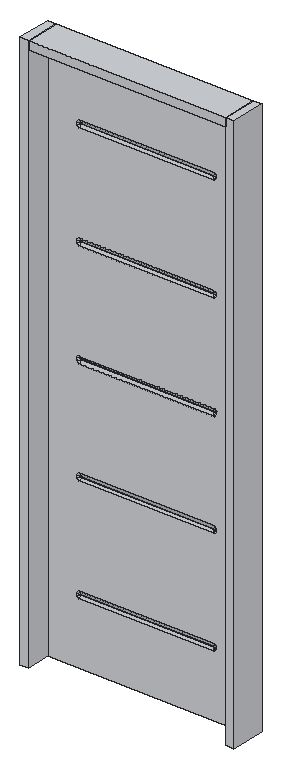
Revit family "Steel-Entrance-Doors_Vog-PS-8ft0in_Novatech", category Doors, host Wall, Revit 2026
Family settings
  Host = Wall
  Classification Number = 23.30.10.00
  Always vertical = Yes
  Cut with Voids When Loaded = No
  Shared = No
  Room Calculation Point = No
Parameters (values of type "2' 10" x 8' 0"")
  URL = "https://www.groupenovatech.com/"
  Thickness = 1.7300"
  Frame Thickness = 1.4850"
  Door Width = 33.7500"
  Door Height = 95.0000"
  Top Distance = 10.65625"
  Symbolic Pattern = Door Width  # 33.7500"
  Specification = "https://www.arcat.com/company/novatech-group-51586/spec"
  Product Page URL = "https://www.arcat.com/arcatcos/cos51/arc51586.html"
  Model = "Vog"
  Manufacturer = "Novatech"
  Keynote = "08 13 00"
  Embossment Height = 1.2230"
  Function = Interior
  Height = 84.0000"
  Wall Closure = By host
  Width = 33.7500"
  Embossment Length = 24.0157"
  Define Thermal Properties by = Schematic Type
  Copyright = "ARCAT"
  CAD Details = "https://www.arcat.com/company/novatech-group-51586/cad"
  C - Distance = 4.9100"
  Bottom Distance = 10.6807"
  B - Distance = 4.8100"
  Analytic Construction = "<None>"
Types (2): name | Door Width | Symbolic Pattern | Width | C - Distance | Bottom Distance | B - Distance
  2' 10" x 8' 0" | 33.7500" | 33.7500" | 33.7500" | 4.9100" | 10.6807" | 4.8100"
  3' 0" x 8' 0" | 35.7500" | 35.7500" | 35.7000" | 5.9100" | 10.6560" | 5.8100"
Reference planes (in)
  plane 1: y = 0
  plane 2 "Center (Left/Right)": x = 0
  plane 3 "Left": x = -16.875
  plane 4 "Right": x = 16.875
  plane 5: z = 95
  plane 6 "Exterior": y = 2.95276
  plane 7 "Interior": y = -2.95276
  plane 8: x = 12.065
  plane 9: x = -11.9507
  plane 10: z = 0
  plane 11: y = 1.22276
  plane 12: z = 94.9754
  plane 13: z = 0
  plane 14: y = 36.70276
  plane 15: z = 28.7662
  plane 16: z = 29.9892
  plane 17: z = 46.8762
  plane 18: z = 64.9862
  plane 19: z = 66.2092
  plane 20: z = 83.0962
  plane 21: z = 84.3192
  plane 22: z = 48.0992
  plane 23: x = -11.3257
  plane 24: x = 11.44
  plane 25: x = 11.44
  plane 26: x = -11.3257
  plane 27: x = 11.44
  plane 28: x = -11.3257
  plane 29: x = 11.44
  plane 30: x = -11.3257
  plane 31: x = -11.3257
  plane 32: x = 11.44
  plane 33: x = -11.3257
  plane 34: x = 11.44
  plane 35: x = -11.3257
  plane 36: x = 11.44
  plane 37: z = 33.03012
  plane 38: z = 47.43582
  plane 39: z = 29.42557
  plane 40: z = 29.32582
  plane 41: z = 83.75557
  plane 42: z = 83.65582
  plane 43: z = 83.75557
  plane 44: z = 83.65582
  plane 45: z = 65.64557
  plane 46: z = 65.54582
  plane 47: z = 47.56017
  plane 48: z = 47.46042
  plane 49: z = 29.42557
  plane 50: z = 29.32582
  plane 51: z = 11.8792
  plane 52: z = 10.6562
  plane 53: x = 11.44715
  plane 54: x = -11.33285
  plane 55: z = 65.64928
  plane 56: z = 65.55379
  plane 57: x = 11.39
  plane 58: x = -11.39
  plane 59: z = 11.31537
  plane 60: z = 11.21987
  plane 61: x = -11.39
  plane 62: x = 11.39
  plane 63: z = 11.31537
  plane 64: z = 11.21987
  plane 65: x = 11.39
  plane 66: x = -11.39
  plane 67: x = -11.39
  plane 68: x = 11.39
  plane 69: x = 18.36
  plane 70: x = -18.36
  plane 71: z = 96.485
Forms (in)
  Extrusion 1, solid
    sketch origin (0, 0, 0) x (1, 0, 0) y (0, 1, 0)
      loop
        line (-16.875, 2.95276) -> (-16.875, 1.22276) -> (16.875, 1.22276) -> (16.875, 2.95276) -> (-16.875, 2.95276)
    from 0 to 95
  Blend 2, void
    base sketch origin (16.875, 1.22276, -17.92549) x (1, 0, 0) y (0, 0, -1)
      loop
        line (-28.2007, -83.55707) -> (-28.16694, -83.57106) -> (-5.46876, -83.57106) -> (-5.435, -83.55707) -> (-5.435, -83.4853) -> (-5.46876, -83.47131) -> (-28.16694, -83.47131) -> (-28.2007, -83.4853) -> (-28.2007, -83.55707)
    top sketch origin (16.875, 1.22276, -17.92549) x (-1, 0, 0) y (0, 0, -1)
      loop
        line (28.4198, -82.91169) -> (5.2159, -82.91169) -> (4.81, -83.31783) -> (4.81, -83.72879) -> (5.2159, -84.13469) -> (28.4198, -84.13469) -> (28.8257, -83.72879) -> (28.8257, -83.31783) -> (28.4198, -82.91169)
    from 0.20024 to 0
  Blend 3, void
    base sketch origin (-16.875, 2.95276, -0.52725) x (-1, 0, 0) y (0, 0, -1)
      loop
        line (-28.28124, -84.28282) -> (-5.58306, -84.28282) -> (-5.5493, -84.26883) -> (-5.5493, -84.19706) -> (-5.58306, -84.18307) -> (-28.28124, -84.18307) -> (-28.315, -84.19706) -> (-28.315, -84.26883) -> (-28.28124, -84.28282)
    top sketch origin (-16.875, 2.95276, -0.52725) x (-1, 0, 0) y (0, 0, -1)
      loop
        line (-5.3302, -84.84645) -> (-4.9243, -84.44055) -> (-4.9243, -84.02959) -> (-5.3302, -83.62345) -> (-28.5341, -83.62345) -> (-28.94, -84.0336) -> (-28.94, -84.44055) -> (-28.5341, -84.84645) -> (-5.3302, -84.84645)
    from 0.19922 to 0
  Blend 4, void
    base sketch origin (-16.875, 2.95276, -36.27725) x (-1, 0, 0) y (0, 0, -1)
      loop
        line (-28.28124, -83.81282) -> (-5.58306, -83.81282) -> (-5.5493, -83.79883) -> (-5.5493, -83.72706) -> (-5.58306, -83.71307) -> (-28.28124, -83.71307) -> (-28.315, -83.72706) -> (-28.315, -83.79883) -> (-28.28124, -83.81282)
    top sketch origin (-16.875, 2.95276, -36.27725) x (-1, 0, 0) y (0, 0, -1)
      loop
        line (-5.3302, -84.37645) -> (-4.9243, -83.97055) -> (-4.9243, -83.55959) -> (-5.3302, -83.15345) -> (-28.5341, -83.15345) -> (-28.94, -83.5636) -> (-28.94, -83.97055) -> (-28.5341, -84.37645) -> (-5.3302, -84.37645)
    from 0.19922 to 0
  Blend 5, void
    base sketch origin (-16.875, 2.95276, -54.371) x (-1, 0, 0) y (0, 0, -1)
      loop
        line (-28.28124, -83.79657) -> (-5.58306, -83.79657) -> (-5.5493, -83.78258) -> (-5.5493, -83.71081) -> (-5.58306, -83.69682) -> (-28.28124, -83.69682) -> (-28.315, -83.71081) -> (-28.315, -83.78258) -> (-28.28124, -83.79657)
    top sketch origin (-16.875, 2.95276, -54.371) x (-1, 0, 0) y (0, 0, -1)
      loop
        line (-5.3302, -84.3602) -> (-4.9243, -83.9543) -> (-4.9243, -83.54334) -> (-5.3302, -83.1372) -> (-28.5341, -83.1372) -> (-28.94, -83.54735) -> (-28.94, -83.9543) -> (-28.5341, -84.3602) -> (-5.3302, -84.3602)
    from 0.19922 to 0
  Blend 6, void
    base sketch origin (16.875, 1.22276, 0.16826) x (1, 0, 0) y (0, 0, -1)
      loop
        line (-28.2007, -83.57332) -> (-28.16694, -83.58731) -> (-5.46876, -83.58731) -> (-5.435, -83.57332) -> (-5.435, -83.50155) -> (-5.46876, -83.48756) -> (-28.16694, -83.48756) -> (-28.2007, -83.50155) -> (-28.2007, -83.57332)
    top sketch origin (16.875, 1.22276, 0.16826) x (-1, 0, 0) y (0, 0, -1)
      loop
        line (28.4198, -82.92794) -> (5.2159, -82.92794) -> (4.81, -83.33408) -> (4.81, -83.74504) -> (5.2159, -84.15094) -> (28.4198, -84.15094) -> (28.8257, -83.74504) -> (28.8257, -83.33408) -> (28.4198, -82.92794)
    from 0.20024 to 0
  Blend 7, void
    base sketch origin (16.875, 1.22276, -35.58174) x (1, 0, 0) y (0, 0, -1)
      loop
        line (-28.2007, -83.12792) -> (-28.16694, -83.14191) -> (-5.46876, -83.14191) -> (-5.435, -83.12792) -> (-5.435, -83.0604) -> (-5.46876, -83.04216) -> (-28.16694, -83.04216) -> (-28.2007, -83.0604) -> (-28.2007, -83.12792)
    top sketch origin (16.875, 1.22276, -35.58174) x (-1, 0, 0) y (0, 0, -1)
      loop
        line (28.4198, -82.45794) -> (5.2159, -82.45794) -> (4.81, -82.86408) -> (4.81, -83.27504) -> (5.2159, -83.68094) -> (28.4198, -83.68094) -> (28.8257, -83.27504) -> (28.8257, -82.86408) -> (28.4198, -82.45794)
    from 0.20024 to 0
  Blend 8, void
    base sketch origin (16.875, 1.22276, -53.67549) x (1, 0, 0) y (0, 0, -1)
      loop
        line (-28.2007, -83.08707) -> (-28.16694, -83.10106) -> (-5.46876, -83.10106) -> (-5.435, -83.08707) -> (-5.435, -83.0153) -> (-5.46876, -83.00131) -> (-28.16694, -83.00131) -> (-28.2007, -83.0153) -> (-28.2007, -83.08707)
    top sketch origin (16.875, 1.22276, -53.67549) x (-1, 0, 0) y (0, 0, -1)
      loop
        line (28.4198, -82.44169) -> (5.2159, -82.44169) -> (4.81, -82.84783) -> (4.81, -83.25879) -> (5.2159, -83.66469) -> (28.4198, -83.66469) -> (28.8257, -83.25879) -> (28.8257, -82.84783) -> (28.4198, -82.44169)
    from 0.20024 to 0
  Blend 9, void
    base sketch origin (-16.875, 2.95276, -18.633) x (-1, 0, 0) y (0, 0, -1)
      loop
        line (-28.28839, -84.28228) -> (-5.57591, -84.28228) -> (-5.54215, -84.26829) -> (-5.54215, -84.20077) -> (-5.57591, -84.18678) -> (-28.28839, -84.18678) -> (-28.32215, -84.20077) -> (-28.32215, -84.26829) -> (-28.28839, -84.28228)
    top sketch origin (-16.875, 2.95276, -18.633) x (-1, 0, 0) y (0, 0, -1)
      loop
        line (-5.33445, -84.8422) -> (-4.9243, -84.43205) -> (-4.9243, -84.02109) -> (-5.3302, -83.6192) -> (-28.5341, -83.6192) -> (-28.94, -84.0251) -> (-28.94, -84.43205) -> (-28.52985, -84.8422) -> (-5.33445, -84.8422)
    from 0.19922 to 0
  Blend 10, void
    base sketch origin (-16.875, 2.95276, -72.47675) x (-1, 0, 0) y (0, 0, -1)
      loop
        line (-28.23124, -83.79212) -> (-5.51876, -83.79212) -> (-5.485, -83.77813) -> (-5.485, -83.71061) -> (-5.51876, -83.69662) -> (-28.23124, -83.69662) -> (-28.265, -83.71061) -> (-28.265, -83.77813) -> (-28.23124, -83.79212)
    top sketch origin (-16.875, 2.95276, -72.47675) x (-1, 0, 0) y (0, 0, -1)
      loop
        line (-5.3302, -84.35595) -> (-4.9243, -83.95005) -> (-4.9243, -83.53909) -> (-5.33449, -83.13295) -> (-28.52985, -83.13295) -> (-28.94, -83.5431) -> (-28.94, -83.95005) -> (-28.5341, -84.35595) -> (-5.3302, -84.35595)
    from 0.19922 to 0
  Blend 11, void
    base sketch origin (16.875, 1.22276, -71.78124) x (1, 0, 0) y (0, 0, -1)
      loop
        line (-28.265, -83.08262) -> (-28.23124, -83.09661) -> (-5.51876, -83.09661) -> (-5.485, -83.08262) -> (-5.485, -83.0151) -> (-5.51876, -83.00111) -> (-28.23124, -83.00111) -> (-28.265, -83.0151) -> (-28.265, -83.08262)
    top sketch origin (16.875, 1.22276, -71.78124) x (-1, 0, 0) y (0, 0, -1)
      loop
        line (28.41551, -82.43744) -> (5.22019, -82.43744) -> (4.81, -82.84358) -> (4.81, -83.25454) -> (5.2159, -83.66044) -> (28.4198, -83.66044) -> (28.8257, -83.25454) -> (28.8257, -82.84358) -> (28.41551, -82.43744)
    from 0.20024 to 0
  Extrusion 12, solid
    sketch origin (0, 0, 0) x (1, 0, 0) y (0, 1, 0)
      loop
        line (-18.36, 2.95276) -> (-18.36, -2.95276) -> (-16.875, -2.95276) -> (-16.875, 2.95276) -> (-18.36, 2.95276)
    from 0 to 96.485
  Extrusion 13, solid
    sketch origin (0, 0, 0) x (1, 0, 0) y (0, 1, 0)
      loop
        line (16.875, 2.95276) -> (16.875, -2.95276) -> (18.36, -2.95276) -> (18.36, 2.95276) -> (16.875, 2.95276)
    from 0 to 96.485
  Extrusion 14, solid
    sketch origin (0, 0, 0) x (0, 1, 0) y (0, 0, 1)
      loop
        line (2.95276, 96.485) -> (-2.95276, 96.485) -> (-2.95276, 95) -> (2.95276, 95) -> (2.95276, 96.485)
    from -16.875 to 16.875
Cuts and joins
  Blend 2, Blend 3, Blend 4, Blend 5, Blend 6, Blend 7, Blend 8, Blend 9, Blend 10, Blend 11 cuts Extrusion 1
Lines and regions (in)
  Opening 1
    outline origin (-120.07874, -2.95276, 0) x (1, 0, 0) y (0, 0, 1)
      loop
        line (101.71874, 0) -> (138.43874, 0) -> (138.43874, 96.485) -> (101.71874, 96.485) -> (101.71874, 0)
  symbolic lines, style "DoorsPanelProjection"
    curve 1: line (-16.875, 2.95276, 0) -> (-15.14453, 2.95276, 0)
    curve 2: line (-16.875, 36.70276, 0) -> (-16.875, 2.95276, 0)
    curve 3: line (-15.14453, 36.70276, 0) -> (-16.875, 36.70276, 0)
    curve 4: line (-15.14453, 2.95276, 0) -> (-15.14453, 36.70276, 0)
    curve 5: arc (-16.875, 36.70276, 0) -> (6.98985, 26.81761, 0) -> (16.875, 2.95276, 0) r 33.75
  symbolic lines, style "Elevation Swing"
    curve 6: line (-18.36, -2.95276, 47.4627) -> (16.875, -2.95276, 95)
    curve 7: line (-18.36, -2.95276, 47.4627) -> (16.875, -2.95276, 0)
  symbolic lines, not visible
    curve 8: line (-125.19615, 2.95276, 11.8792) -> (-141.62978, 2.95276, 11.8792)
    curve 9: line (-125.19615, 2.95276, 10.6562) -> (-125.19615, 2.95276, 11.8792)
    curve 10: line (-141.62978, 2.95276, 10.6562) -> (-125.19615, 2.95276, 10.6562)
    curve 11: line (-141.62978, 2.95276, 11.8792) -> (-141.62978, 2.95276, 10.6562)
Text (in)
  text "Exterior" at (-81.64806, 43.28909, 0), in view "Ref. Level"
  text "Exterior" at (0, 63.59764, 145.59372), in view "Left"
  text "Exterior" at (0, 40.78868, 152.55637), in view "Right"
  text "Interior" at (-81.64806, -21.30488, 0), in view "Ref. Level"
  text "EXTERIOR SIDE" at (102.69524, 0, 196.51061), in view "Exterior"
  text "Steel Entrance Door - 8' 0\" VOG PS (5 MOTIFS)" at (102.38531, 0, 184.92102), in view "Exterior"
  text "INTERIOR SIDE" at (-93.3231, 0, 188.48009), in view "Interior"
  text "Steel Entrance Door - 8' 0\" VOG PS (5 MOTIFS)" at (-93.01317, 0, 176.8905), in view "Interior"
Dimensions and locks (in)
  equal spacing: plane 3 "Left", plane 2 "Center (Left/Right)", plane 4 "Right"  (x3)
  plane 3 "Left" to plane 4 "Right" = 33.7500"  (x2)
  "Door Height": host wall to plane 5
  host wall to plane 5 = 95.0000"
  locked: plane 6 "Exterior" to host wall
  locked: plane 7 "Interior" to host wall
  "Door Width": plane 3 "Left" to plane 4 "Right"
  "Thickness": plane 6 "Exterior" to plane 11
  locked: curve 2 to curve 4 at 1.73047
  "Symbolic Pattern": plane 6 "Exterior" to plane 14
  locked: plane 24 to plane 8 at 0.625
  locked: plane 9 to plane 23 at 0.625
  locked: plane 8 to plane 25 at 0.625
  locked: plane 26 to plane 9 at 0.625
  plane 21 to plane 12 = 10.6562"
  "Embossment Height": plane 20 to plane 21
  locked: plane 19 to plane 20 at 16.887
  "Embossment Height": plane 18 to plane 19
  locked: plane 22 to plane 18 at 16.887
  "Embossment Height": plane 17 to plane 22
  locked: plane 16 to plane 17 at 16.887
  "Embossment Height": plane 15 to plane 16
  locked: plane 8 to plane 27 at 0.625
  locked: plane 28 to plane 9 at 0.625
  locked: plane 8 to plane 29 at 0.625
  locked: plane 30 to plane 9 at 0.625
  locked: plane 9 to plane 31 at 0.625
  locked: plane 32 to plane 8 at 0.625
  locked: plane 9 to plane 33 at 0.625
  locked: plane 34 to plane 8 at 0.625
  locked: plane 9 to plane 35 at 0.625
  locked: plane 36 to plane 8 at 0.625
  "Embossment Length": plane 9 to plane 8
  plane 8 to plane 2 "Center (Left/Right)" to plane 9 = 12.0650", 11.9507"
  locked: Blend 4 sketch curve to plane 22 at 0.56363
  locked: plane 17 to plane 38 at 0.55962
  locked: plane 39 to plane 16 at 0.56363
  locked: plane 15 to plane 40 at 0.55962
  locked: plane 41 to plane 21 at 0.56363
  locked: plane 20 to plane 42 at 0.55962
  plane 9 to plane 2 "Center (Left/Right)" to plane 8 = 11.9507", 12.0650"
  locked: plane 21 to plane 43 at 0.56363
  locked: plane 44 to plane 20 at 0.55962
  locked: plane 19 to plane 45 at 0.56363
  locked: plane 46 to plane 18 at 0.55962
  plane 22 to plane 47 = 0.53903"
  plane 48 to plane 17 = 0.58422"
  locked: plane 16 to plane 49 at 0.56363
  locked: plane 50 to plane 15 at 0.55962
  "Embossment Height": plane 52 to plane 51
  locked: plane 51 to plane 15 at 16.887
  cut or joined group 1 (Extrusion 1, Blend 2, Blend 3, Blend 4, Blend 5, Blend 6, Blend 7, Blend 8, Blend 9, Blend 10, Blend 11) to plane 52 = 10.6562"
  plane 66 to plane 9 = 0.5607"
  plane 52 to plane 60 = 0.56367"
  plane 59 to plane 51 = 0.56383"
  plane 68 to plane 8 = 0.6750"
  plane 64 to plane 52 = 0.56367"
  plane 9 to plane 67 = 0.5607"
  plane 51 to plane 63 = 0.56383"
  locked: plane 8 to plane 53 at 0.61785
  locked: plane 54 to plane 9 at 0.61785
  locked: plane 55 to plane 19 at 0.55992
  locked: plane 18 to plane 56 at 0.56759
  "Frame Thickness": plane 4 "Right" to plane 69
  "Frame Thickness": plane 70 to plane 3 "Left"
  "Frame Thickness": plane 5 to plane 71
  "B - Distance": plane 4 "Right" to plane 8
  plane 3 "Left" to plane 9 = 4.9243"
  aligned and locked: Opening 1 sketch curve to level
  aligned and locked: plane 1 to host wall
  aligned and locked: plane 6 "Exterior" to Extrusion 1 sketch curve
  aligned and locked: plane 11 to Extrusion 1 sketch curve
  aligned and locked: plane 14 to curve 3
  aligned and locked: cut or joined group 1 to curve 5
  aligned and locked: Blend 2 sketch curve to plane 23
  aligned and locked: Blend 2 sketch curve to plane 24
  aligned and locked: Blend 2 sketch curve to plane 8
  aligned and locked: plane 9 to Blend 2 sketch curve
  aligned and locked: Blend 2 sketch curve to plane 19
  aligned and locked: Blend 2 sketch curve to plane 18
  aligned and locked: plane 25 to Blend 3 sketch curve
  aligned and locked: Blend 3 sketch curve to plane 26
  aligned and locked: plane 13 to cut or joined group 1
  aligned and locked: cut or joined group 1 to plane 13
  aligned and locked: plane 21 to Blend 3 sketch curve
  aligned and locked: plane 8 to Blend 3 sketch curve
  aligned and locked: Blend 3 sketch curve to plane 20
  aligned and locked: plane 9 to Blend 3 sketch curve
  aligned and locked: plane 27 to Blend 4 sketch curve
  aligned and locked: Blend 4 sketch curve to plane 28
  aligned and locked: plane 22 to Blend 4 sketch curve
  aligned and locked: Blend 4 sketch curve to plane 17
  aligned and locked: plane 8 to Blend 4 sketch curve
  aligned and locked: plane 9 to Blend 4 sketch curve
  aligned and locked: plane 29 to Blend 5 sketch curve
  aligned and locked: Blend 5 sketch curve to plane 30
  aligned and locked: plane 16 to Blend 5 sketch curve
  aligned and locked: plane 8 to Blend 5 sketch curve
  aligned and locked: Blend 5 sketch curve to plane 15
  aligned and locked: plane 9 to Blend 5 sketch curve
  aligned and locked: Blend 6 sketch curve to plane 31
  aligned and locked: Blend 6 sketch curve to plane 32
  aligned and locked: Blend 6 sketch curve to plane 21
  aligned and locked: Blend 6 sketch curve to plane 20
  aligned and locked: plane 9 to Blend 6 sketch curve
  aligned and locked: Blend 6 sketch curve to plane 8
  aligned and locked: Blend 7 sketch curve to plane 33
  aligned and locked: Blend 7 sketch curve to plane 34
  aligned and locked: Blend 7 sketch curve to plane 22
  aligned and locked: plane 9 to Blend 7 sketch curve
  aligned and locked: Blend 7 sketch curve to plane 17
  aligned and locked: Blend 7 sketch curve to plane 8
  aligned and locked: Blend 8 sketch curve to plane 35
  aligned and locked: Blend 8 sketch curve to plane 36
  aligned and locked: plane 9 to Blend 8 sketch curve
  aligned and locked: Blend 8 sketch curve to plane 16
  aligned and locked: Blend 8 sketch curve to plane 15
  aligned and locked: Blend 8 sketch curve to plane 8
  aligned and locked: plane 38 to Blend 4 sketch curve
  aligned and locked: Blend 5 sketch curve to plane 40
  aligned and locked: plane 39 to Blend 5 sketch curve
  aligned and locked: Blend 3 sketch curve to plane 41
  aligned and locked: plane 42 to Blend 3 sketch curve
  aligned and locked: Blend 6 sketch curve to plane 43
  aligned and locked: Blend 6 sketch curve to plane 44
  aligned and locked: Blend 2 sketch curve to plane 45
  aligned and locked: Blend 2 sketch curve to plane 46
  aligned and locked: Blend 7 sketch curve to plane 47
  aligned and locked: Blend 7 sketch curve to plane 48
  aligned and locked: Blend 8 sketch curve to plane 49
  aligned and locked: Blend 8 sketch curve to plane 50
  aligned and locked: plane 53 to Blend 9 sketch curve
  aligned and locked: Blend 9 sketch curve to plane 54
  aligned and locked: Blend 9 sketch curve to plane 55
  aligned and locked: plane 56 to Blend 9 sketch curve
  aligned and locked: plane 9 to Blend 9 sketch curve
  aligned and locked: plane 8 to Blend 9 sketch curve
  aligned and locked: plane 57 to Blend 10 sketch curve
  aligned and locked: Blend 10 sketch curve to plane 58
  aligned and locked: Blend 10 sketch curve to plane 60
  aligned and locked: plane 59 to Blend 10 sketch curve
  aligned and locked: plane 9 to Blend 10 sketch curve
  aligned and locked: plane 8 to Blend 10 sketch curve
  aligned and locked: Blend 11 sketch curve to plane 62
  aligned and locked: Blend 11 sketch curve to plane 63
  aligned and locked: Blend 11 sketch curve to plane 64
  aligned and locked: Blend 11 sketch curve to plane 8
  aligned and locked: plane 9 to Blend 11 sketch curve
  aligned and locked: curve 6 to host wall
  aligned and locked: Blend 10 sketch curve to plane 51
  aligned and locked: plane 52 to Blend 10 sketch curve
  aligned and locked: plane 67 to Blend 11 sketch curve
  aligned and locked: plane 51 to Blend 11 sketch curve
  aligned and locked: plane 52 to Blend 11 sketch curve
  aligned and locked: plane 19 to Blend 9 sketch curve
  aligned and locked: Blend 9 sketch curve to plane 18
  aligned and locked: Opening 1 sketch curve to plane 70
  aligned and locked: plane 69 to Opening 1 sketch curve
  aligned and locked: Opening 1 sketch curve to plane 71
  aligned and locked: cut or joined group 1 to plane 5
  aligned and locked: Extrusion 1 to plane 4 "Right"
  aligned and locked: plane 3 "Left" to cut or joined group 1
  aligned and locked: plane 70 to Extrusion 12 sketch curve
  aligned and locked: plane 3 "Left" to Extrusion 12 sketch curve
  aligned and locked: plane 6 "Exterior" to Extrusion 12 sketch curve
  aligned and locked: Extrusion 12 sketch curve to plane 7 "Interior"
  aligned and locked: Extrusion 12 to plane 71
  aligned and locked: Extrusion 13 sketch curve to plane 7 "Interior"
  aligned and locked: plane 6 "Exterior" to Extrusion 13 sketch curve
  aligned and locked: plane 69 to Extrusion 13 sketch curve
  aligned and locked: Extrusion 13 sketch curve to plane 4 "Right"
  aligned and locked: Extrusion 13 to plane 71
  aligned and locked: Extrusion 14 sketch curve to plane 5
  aligned and locked: plane 71 to Extrusion 14 sketch curve
  aligned and locked: plane 6 "Exterior" to Extrusion 14 sketch curve
  aligned and locked: Extrusion 14 sketch curve to plane 7 "Interior"
  aligned and locked: plane 3 "Left" to Extrusion 14
  aligned and locked: Extrusion 14 to plane 4 "Right"
Automatic sketch dimensions
  Extrusion 1 sketch curve to plane 3 "Left" = 0.0000"
  Extrusion 1 sketch curve to plane 4 "Right" = 0.0000"
  curve 1 to host wall = 0.0000"
  curve 1 to plane 3 "Left" = 0.0000"
  Blend 2 sketch curve to Blend 2 sketch curve = 0.03376"  (x4)
  Blend 2 sketch curve to Blend 2 sketch curve = 0.01399"  (x4)
  Blend 2 sketch curve to Blend 2 sketch curve = 0.4059"  (x6)
  Blend 2 sketch curve to Blend 2 sketch curve = 0.41095"  (x2)
  Blend 3 sketch curve to Blend 3 sketch curve = 0.03376"  (x4)
  Blend 3 sketch curve to Blend 3 sketch curve = 0.01399"  (x4)
  Blend 3 sketch curve to Blend 3 sketch curve = 0.4059"  (x6)
  Blend 3 sketch curve to Blend 3 sketch curve = 0.40695"
  Blend 3 sketch curve to Blend 3 sketch curve = 0.41095"
  Blend 4 sketch curve to Blend 4 sketch curve = 0.03376"  (x4)
  Blend 4 sketch curve to Blend 4 sketch curve = 0.01399"  (x4)
  Blend 4 sketch curve to Blend 4 sketch curve = 0.4059"  (x6)
  Blend 4 sketch curve to Blend 4 sketch curve = 0.40695"
  Blend 4 sketch curve to Blend 4 sketch curve = 0.41095"
  Blend 5 sketch curve to Blend 5 sketch curve = 0.03376"  (x4)
  Blend 5 sketch curve to Blend 5 sketch curve = 0.01399"  (x4)
  Blend 5 sketch curve to Blend 5 sketch curve = 0.4059"  (x6)
  Blend 5 sketch curve to Blend 5 sketch curve = 0.40695"
  Blend 5 sketch curve to Blend 5 sketch curve = 0.41095"
  Blend 6 sketch curve to Blend 6 sketch curve = 0.03376"  (x4)
  Blend 6 sketch curve to Blend 6 sketch curve = 0.01399"  (x4)
  Blend 6 sketch curve to Blend 6 sketch curve = 0.4059"  (x6)
  Blend 6 sketch curve to Blend 6 sketch curve = 0.41095"  (x2)
  Blend 7 sketch curve to Blend 7 sketch curve = 0.03376"  (x4)
  Blend 7 sketch curve to Blend 7 sketch curve = 0.01399"  (x2)
  Blend 7 sketch curve to Blend 7 sketch curve = 0.06753"  (x2)
  Blend 7 sketch curve to Blend 7 sketch curve = 0.01824"
  Blend 7 sketch curve to Blend 7 sketch curve = 0.4059"  (x6)
  Blend 7 sketch curve to Blend 7 sketch curve = 0.41095"  (x2)
  Blend 8 sketch curve to Blend 8 sketch curve = 0.4059"  (x6)
  Blend 8 sketch curve to Blend 8 sketch curve = 0.41095"  (x2)
  Blend 9 sketch curve to Blend 9 sketch curve = 0.4059"  (x3)
  Blend 9 sketch curve to Blend 9 sketch curve = 0.41015"  (x3)
  Blend 9 sketch curve to Blend 9 sketch curve = 0.40695"
  Blend 9 sketch curve to Blend 9 sketch curve = 0.41095"
  Blend 10 sketch curve to Blend 10 sketch curve = 0.41015"
  Blend 10 sketch curve to Blend 10 sketch curve = 0.4059"  (x4)
  Blend 10 sketch curve to Blend 10 sketch curve = 0.41019"
  Blend 10 sketch curve to Blend 10 sketch curve = 0.40695"
  Blend 10 sketch curve to Blend 10 sketch curve = 0.41095"
  Blend 11 sketch curve to Blend 11 sketch curve = 0.41019"
  Blend 11 sketch curve to Blend 11 sketch curve = 0.4059"  (x4)
  Blend 11 sketch curve to Blend 11 sketch curve = 0.00429"
  Blend 11 sketch curve to Blend 11 sketch curve = 0.41095"
  Blend 11 sketch curve to Blend 11 sketch curve = 0.40615"
  curve 7 to level = 0.0000"
  plane 4 "Right" to curve 7 = 0.0000"
  plane 4 "Right" to curve 6 = 0.0000"
  curve 6 to plane 5 = 0.0000"
  plane 17 to curve 7 = 0.5865"
  Blend 8 sketch curve to Blend 8 sketch curve = 0.03376"  (x4)
  Blend 8 sketch curve to Blend 8 sketch curve = 0.01399"  (x4)
  Blend 11 sketch curve to Blend 11 sketch curve = 0.03376"  (x4)
  Blend 11 sketch curve to Blend 11 sketch curve = 0.01399"  (x4)
  Blend 10 sketch curve to Blend 10 sketch curve = 0.03376"  (x4)
  Blend 10 sketch curve to Blend 10 sketch curve = 0.01399"  (x4)
  Blend 9 sketch curve to Blend 9 sketch curve = 0.03376"  (x4)
  Blend 9 sketch curve to Blend 9 sketch curve = 0.01399"  (x4)
